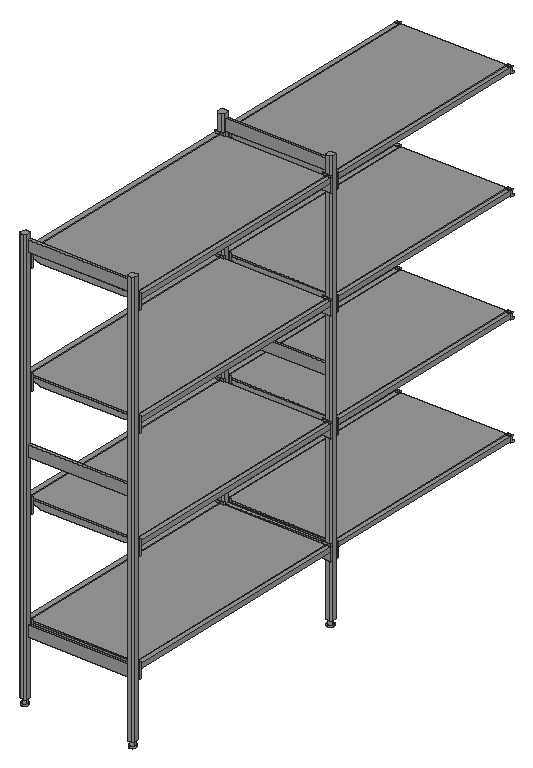
Revit family "QF_ZANUSSI_137083_CLS1928", category Attrezzature speciali, Revit 2020 (continued)
Definition of nested family "WT_Aggancio475"
  Dimensions and locks
    equal spacing: plane 3 "BACK", plane 6 "Center (Front/Back)", plane 4 "FRONT"
    plane 9 "FEET" to level = 25.0 mm
    plane 5 "TOP" to plane 9 "FEET" = 1700.0 mm
    plane 10 to plane 9 "FEET" = 250.0 mm
    plane 11 to plane 10 = 450.0 mm
    plane 12 to plane 11 = 450.0 mm
    plane 13 to plane 12 = 450.0 mm
    locked: plane 3 "BACK" to plane 15 "CYBack" at 17.5
    locked: plane 16 "CYFront" to plane 4 "FRONT" at 17.5
    aligned and locked: level to plane 1
    aligned and locked: Extrusion 1 sketch curve to Extrusion 1 sketch curve  (x3)
  Automatic sketch dimensions
    plane 16 "CYFront" to Extrusion 1 sketch curve = 1.478 mm  (x4)
    Extrusion 1 sketch curve to Extrusion 1 sketch curve = 2.0 mm
    plane 8 to Extrusion 1 sketch curve = 3.478 mm  (x4)
    Extrusion 1 sketch curve to plane 10 = 4.006 mm
    Extrusion 1 sketch curve to Extrusion 1 sketch curve = 34.0 mm  (x4)
    Extrusion 1 sketch curve to plane 11 = 4.006 mm
    Extrusion 1 sketch curve to plane 12 = 4.006 mm
    Extrusion 1 sketch curve to plane 13 = 4.006 mm
    Extrusion 1 sketch curve to plane 7 = 37.522 mm  (x4)
    Extrusion 1 sketch curve to plane 7 = 3.522 mm  (x4)
    plane 14 to Extrusion 1 sketch curve = 3.516 mm  (x4)
    plane 14 to Extrusion 1 sketch curve = 1.522 mm  (x4)
    plane 10 to Extrusion 1 sketch curve = 7.998 mm  (x2)
    Extrusion 1 sketch curve to Extrusion 1 sketch curve = 11.498 mm  (x4)
    Extrusion 1 sketch curve to Extrusion 1 sketch curve = 6.499 mm  (x8)
    plane 11 to Extrusion 1 sketch curve = 7.998 mm  (x2)
    plane 12 to Extrusion 1 sketch curve = 7.998 mm  (x2)
    plane 13 to Extrusion 1 sketch curve = 7.998 mm  (x2)
    plane 2 "LEFT" to Extrusion 2 sketch curve = 0.0 mm  (x4)
    plane 13 to Extrusion 2 sketch curve = 7.996 mm
    plane 11 to Extrusion 2 sketch curve = 7.996 mm
    Extrusion 2 sketch curve to Extrusion 2 sketch curve = 5.0 mm  (x4)
    plane 11 to Extrusion 2 sketch curve = 2.494 mm
    plane 10 to Extrusion 2 sketch curve = 28.996 mm
    Extrusion 2 sketch curve to Extrusion 2 sketch curve = 3.0 mm  (x4)
    plane 10 to Extrusion 2 sketch curve = 7.996 mm
    plane 10 to Extrusion 2 sketch curve = 2.494 mm
    Extrusion 2 sketch curve to Extrusion 2 sketch curve = 18.0 mm  (x3)
    plane 12 to Extrusion 2 sketch curve = 2.494 mm
    plane 12 to Extrusion 2 sketch curve = 7.996 mm
    plane 13 to Extrusion 2 sketch curve = 2.494 mm
    plane 2 "LEFT" to Extrusion 3 sketch curve = 0.0 mm  (x4)
    plane 13 to Extrusion 3 sketch curve = 7.996 mm
    plane 11 to Extrusion 3 sketch curve = 7.996 mm
    Extrusion 3 sketch curve to Extrusion 3 sketch curve = 5.0 mm  (x4)
    plane 11 to Extrusion 3 sketch curve = 2.494 mm
    plane 10 to Extrusion 3 sketch curve = 28.996 mm
    Extrusion 3 sketch curve to Extrusion 3 sketch curve = 3.0 mm  (x4)
    plane 10 to Extrusion 3 sketch curve = 7.996 mm
    plane 10 to Extrusion 3 sketch curve = 2.494 mm
    Extrusion 3 sketch curve to Extrusion 3 sketch curve = 18.0 mm  (x3)
    plane 12 to Extrusion 3 sketch curve = 2.494 mm
    plane 12 to Extrusion 3 sketch curve = 7.996 mm
    plane 13 to Extrusion 3 sketch curve = 2.494 mm
    plane 2 "LEFT" to curve 1 = 5.0 mm
    plane 2 "LEFT" to curve 7 = 5.0 mm
    curve 1 to plane 16 "CYFront" = 17.5 mm
    curve 3 to plane 8 = 12.522 mm
    plane 7 to curve 5 = 12.478 mm
    curve 7 to plane 14 = 17.5 mm
    curve 5 to curve 5 = 4.0 mm
    curve 1 to curve 4 = 4.0 mm
    Extrusion 2 sketch curve to Extrusion 2 sketch curve = 4.0 mm  (x4)
    Extrusion 2 sketch curve to Extrusion 2 sketch curve = 8.969 mm  (x4)
    Extrusion 3 sketch curve to Extrusion 3 sketch curve = 4.0 mm  (x4)
    Extrusion 3 sketch curve to Extrusion 3 sketch curve = 8.969 mm  (x4)
